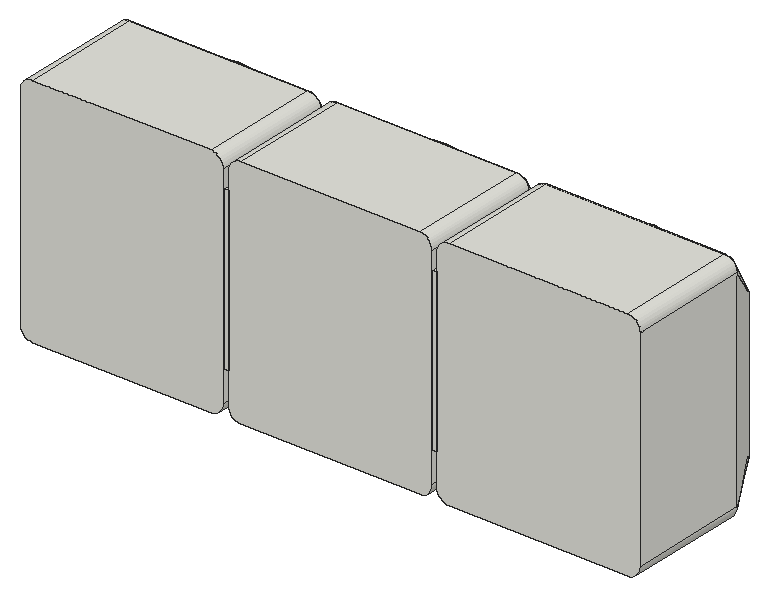
Revit family "IEK_Розетка_ОУ_C_ЗК_16А_3мст_IP54_ГЕРМЕС_PLUS", category Электрические приборы, Revit 2019
Family settings
  Сохранять ориентацию аннотаций = Да
  Размер круглого соединителя = Использовать диаметр
  Тип детали = Нормальный
  На основе рабочей плоскости = Нет
  Всегда вертикально = Да
  При загрузке вырезать с полостями = Нет
  Общий = Нет
  Точка расчета площади = Нет
Parameters (values of type "РСб23-3-ГПБд")
  Ширина = 215 mm  # constant formula
  Тип монтажа = "Поверхность монтажа (открытая установка)"  # constant formula
  Степень защиты = "IP54"  # constant formula
  Описание = "Изделия серии \"ГЕРМЕС PLUS\" используются в помещениях с повышенной влажностью или запыленностью, а также под навесом на открытом воздухе."
  Материал крышки = Цвет дымчатый
  Изготовитель = "IEK"  # constant formula
  Диаметр_Короб [instance] = 16 mm
  Глубина = 52 mm  # constant formula
  Высота = 72 mm  # constant formula
  ΔХ [instance] = 2000 mm
  ΔY [instance] = 2000 mm
  URL = "https://www.iek.ru/"
  ADSK_Ток [instance] = 16 A  # constant formula
  ADSK_Примечание = ""
  ADSK_Полная мощность [instance] = ADSK_Номинальная мощность / ADSK_Коэффициент мощности  # 3520 VA
  ADSK_Позиция [instance] = ""
  ADSK_Номинальная мощность [instance] = ADSK_Ток * ADSK_Напряжение * sqrt(ADSK_Количество фаз числовое) * ADSK_Коэффициент мощности  # 3520 W
  ADSK_Напряжение = 220 V
  ADSK_Наименование краткое = "РСб23-3-ГПБд"
  ADSK_Наименование = "Розетка 3-местная для открытой установки РСб23-3-ГПБд с заземляющим контактом IP54 ГЕРМЕС PLUS (цвет крышки: дымчатый) IEK"
  ADSK_Материал обозначение = ""
  ADSK_Материал наименование = "Пластик"  # constant formula
  ADSK_Материал = Цвет белый
  ADSK_Масса = 0.4  # constant formula
  ADSK_Марка = "ГЕРМЕС PLUS"  # constant formula
  ADSK_Коэффициент мощности [instance] = 1  # constant formula
  ADSK_Количество фаз числовое = 1
  ADSK_Количество фаз = 1
  ADSK_Код изделия = "ERMP32-K03-16-54-EC"
  ADSK_Классификация нагрузок [instance] = Прочее
  ADSK_Завод-изготовитель = Изготовитель  # "IEK"
  ADSK_Единица измерения = "шт."  # constant formula
  ADSK_Группирование = "Электроустановочные изделия низковольтные"  # constant formula
  ADSK_Версия семейства = "01.10.25"  # constant formula
  ADSK_Версия Revit = "v2019"  # constant formula
  ADSK_URL страницы изделия = "https://qr.iek.group/ERMP32-K03-16-54-EC"
Types (3, lengths in mm): name | Материал крышки | ADSK_Наименование краткое | ADSK_Наименование | ADSK_Код изделия | ADSK_URL страницы изделия
  (no name) | Цвет дымчатый | "РСб23-3-ГПБд" | "Розетка 3-местная для открытой установки РСб23-3-ГПБд с заземляющим контактом IP54 ГЕРМЕС PLUS (цвет крышки: дымчатый) IEK" | "ERMP32-K03-16-54-EC" | "https://qr.iek.group/ERMP32-K03-16-54-EC"
  РСб23-3-ГПБб | Цвет белый | "РСб23-3-ГПБб" | "Розетка 3-местная для открытой установки РСб23-3-ГПБб с заземляющим контактом IP54 ГЕРМЕС PLUS белый IEK" | "ERMP32-K01-16-54-EC" | "https://qr.iek.group/ERMP32-K01-16-54-EC"
  РСб23-3-ГПБд | Цвет дымчатый | "РСб23-3-ГПБд" | "Розетка 3-местная для открытой установки РСб23-3-ГПБд с заземляющим контактом IP54 ГЕРМЕС PLUS (цвет крышки: дымчатый) IEK" | "ERMP32-K03-16-54-EC" | "https://qr.iek.group/ERMP32-K03-16-54-EC"
Reference planes
  plane 1 "По центру (Вперед/Назад)": y = 0
  plane 2: z = 0
  plane 3 "По центру (Влево/Вправо)": x = 0
  plane 4 "Высота ножек": z = 280
  plane 5 "Высота": z = 2081.496
  plane 6: x = -2000
  plane 7: y = 2000
Forms (mm)
  Extrusion 1, void
    sketch origin (0, 0, 37.5) x (1, 0, 0) y (0, 0, -1)
      loop
        arc (-16.762, -9.964) -> (-0.012, -19.5) -> (16.75, -9.984) r 19.5
        line (16.75, -9.984) -> (16.75, -2.25) -> (19.37, -2.25)
        arc (19.37, -2.25) -> (19.5, 0) -> (19.37, 2.25) r 19.5
        line (19.37, 2.25) -> (16.75, 2.25) -> (16.75, 9.984)
        arc (16.75, 9.984) -> (0, 19.5) -> (-16.75, 9.984) r 19.5
        line (-16.75, 9.984) -> (-16.75, 2.25) -> (-19.37, 2.25)
        arc (-19.37, 2.25) -> (-19.5, 0) -> (-19.37, -2.25) r 19.5
        line (-19.37, -2.25) -> (-16.75, -2.25) -> (-16.762, -9.964)
    from 26.4 to 46.099
  Extrusion 2, void
    sketch origin (0, 0, 37.5) x (1, 0, 0) y (0, 0, -1)
      loop
        circle (-9.525, 0) r 2.758
      loop
        circle (9.525, 0) r 2.758
    from 26.4 to 5.7
  Extrusion 3, solid, material "Цвет белый" <- "ADSK_Материал", detail levels fine
    sketch origin (0, 0, 37.5) x (1, 0, 0) y (0, 0, -1)
      loop
        line (-32.5, 33.5) -> (-32.5, -33.45)
        arc (-32.5, -33.45) -> (-31.314, -36.314) -> (-28.45, -37.5) r 4.05
        line (-28.45, -37.5) -> (28.5, -37.5)
        arc (28.5, -37.5) -> (31.328, -36.328) -> (32.5, -33.5) r 4
        line (32.5, -33.5) -> (32.5, 33.5)
        arc (32.5, 33.5) -> (31.328, 36.328) -> (28.5, 37.5) r 4
        line (28.5, 37.5) -> (-28.5, 37.5)
        arc (-28.5, 37.5) -> (-31.328, 36.328) -> (-32.5, 33.5) r 4
    from 0 to 38.682
  Blend 4, solid, material "Цвет белый" <- "ADSK_Материал", detail levels fine
    base sketch origin (0, 0, 37.5) x (1, 0, 0) y (0, 0, -1)
      loop
        line (-32.5, 33.5) -> (-32.5, -33.5)
        arc (-32.5, -33.5) -> (-31.328, -36.328) -> (-28.5, -37.5) r 4
        line (-28.5, -37.5) -> (28.5, -37.5)
        arc (28.5, -37.5) -> (31.328, -36.328) -> (32.5, -33.5) r 4
        line (32.5, -33.5) -> (32.5, 33.5)
        arc (32.5, 33.5) -> (31.328, 36.328) -> (28.5, 37.5) r 4
        line (28.5, 37.5) -> (-28.5, 37.5)
        arc (-28.5, 37.5) -> (-31.328, 36.328) -> (-32.5, 33.5) r 4
    top sketch origin (0, 0, 37.5) x (1, 0, 0) y (0, 0, -1)
      loop
        line (-30.1, 23.034) -> (-30.1, -24.041)
        arc (-30.1, -24.041) -> (-29.819, -24.719) -> (-29.141, -25) r 0.959
        line (-29.141, -25) -> (29.141, -25)
        arc (29.141, -25) -> (29.819, -24.719) -> (30.1, -24.041) r 0.959
        line (30.1, -24.041) -> (30.1, 23.034)
        arc (30.1, 23.034) -> (29.819, 23.712) -> (29.141, 23.993) r 0.959
        line (29.141, 23.993) -> (-29.141, 23.993)
        arc (-29.141, 23.993) -> (-29.819, 23.712) -> (-30.1, 23.034) r 0.959
    from 38.682 to 46.099
  Extrusion 5, void
    sketch origin (0, 0, 39.041) x (1, 0, 0) y (0, 0, -1)
      loop
        arc (-28.5, -24.189) -> (-27.914, -25.603) -> (-26.5, -26.189) r 2
        line (-26.5, -26.189) -> (26.5, -26.189)
        arc (26.5, -26.189) -> (27.914, -25.603) -> (28.5, -24.189) r 2
        line (28.5, -24.189) -> (28.5, 37.041)
        arc (28.5, 37.041) -> (27.914, 38.456) -> (26.5, 39.041) r 2
        line (26.5, 39.041) -> (-26.5, 39.041)
        arc (-26.5, 39.041) -> (-27.914, 38.456) -> (-28.5, 37.041) r 2
        line (-28.5, 37.041) -> (-28.5, -24.189)
      loop
        line (5, 26.541) -> (-5, 26.541) -> (-15.069, 16.168)
        arc (-15.069, 16.168) -> (-21, 1.541) -> (-15.069, -13.085) r 21
        line (-15.069, -13.085) -> (-5, -23.459) -> (5, -23.459) -> (15.069, -13.085)
        arc (15.069, -13.085) -> (21, 1.541) -> (15.069, 16.168) r 21
        line (15.069, 16.168) -> (5, 26.541)
    from 38.682 to 46.099
  Extrusion 6, void
    sketch origin (0, 0, 37.5) x (1, 0, 0) y (0, 0, -1)
      loop
        line (-22.764, -27) -> (-14.278, -27)
        arc (-14.278, -27) -> (0, -32.5) -> (14.278, -27) r 21.282
        line (14.278, -27) -> (22.764, -27) -> (22.764, 26.4) -> (-22.764, 26.4) -> (-22.764, -27)
    from 43.6 to 46.099
  Extrusion 7, solid, material "Цвет дымчатый" <- "Материал крышки", detail levels fine
    sketch origin (0, 0, 37.5) x (0, 0, -1) y (0, 1, 0)
      loop
        line (23.993, 46.099) -> (-27, 46.099) -> (-27, 45.121) -> (23.993, 45.121) -> (35.72, 38.682) -> (37.5, 38.682) -> (23.993, 46.099)
    from -28 to 28
  Extrusion 8, solid, material "Цвет дымчатый" <- "Материал крышки", detail levels fine
    sketch origin (0, 0, 37.5) x (1, 0, 0) y (0, 0, -1)
      loop
        arc (-14.278, -27) -> (0, -32.5) -> (14.278, -27) r 21.282
        line (14.278, -27) -> (-14.278, -27)
    from 45.121 to 46.099
  Blend 9, solid, material "Цвет белый" <- "ADSK_Материал", detail levels fine
    base sketch origin (66.5, 0, 37.5) x (1, 0, 0) y (0, 0, -1)
      loop
        line (-32.5, 33.5) -> (-32.5, -33.5)
        arc (-32.5, -33.5) -> (-31.328, -36.328) -> (-28.5, -37.5) r 4
        line (-28.5, -37.5) -> (28.5, -37.5)
        arc (28.5, -37.5) -> (31.328, -36.328) -> (32.5, -33.5) r 4
        line (32.5, -33.5) -> (32.5, 33.5)
        arc (32.5, 33.5) -> (31.328, 36.328) -> (28.5, 37.5) r 4
        line (28.5, 37.5) -> (-28.5, 37.5)
        arc (-28.5, 37.5) -> (-31.328, 36.328) -> (-32.5, 33.5) r 4
    top sketch origin (66.5, 0, 37.5) x (1, 0, 0) y (0, 0, -1)
      loop
        line (-30.1, 23.034) -> (-30.1, -24.041)
        arc (-30.1, -24.041) -> (-29.819, -24.719) -> (-29.141, -25) r 0.959
        line (-29.141, -25) -> (29.141, -25)
        arc (29.141, -25) -> (29.819, -24.719) -> (30.1, -24.041) r 0.959
        line (30.1, -24.041) -> (30.1, 23.034)
        arc (30.1, 23.034) -> (29.819, 23.712) -> (29.141, 23.993) r 0.959
        line (29.141, 23.993) -> (-29.141, 23.993)
        arc (-29.141, 23.993) -> (-29.819, 23.712) -> (-30.1, 23.034) r 0.959
    from 38.682 to 46.099
  Extrusion 10, solid, material "Цвет белый" <- "ADSK_Материал", detail levels fine
    sketch origin (-66.5, 0, 37.5) x (1, 0, 0) y (0, 0, -1)
      loop
        line (-32.5, 33.5) -> (-32.5, -33.45)
        arc (-32.5, -33.45) -> (-31.314, -36.314) -> (-28.45, -37.5) r 4.05
        line (-28.45, -37.5) -> (28.5, -37.5)
        arc (28.5, -37.5) -> (31.328, -36.328) -> (32.5, -33.5) r 4
        line (32.5, -33.5) -> (32.5, 33.5)
        arc (32.5, 33.5) -> (31.328, 36.328) -> (28.5, 37.5) r 4
        line (28.5, 37.5) -> (-28.5, 37.5)
        arc (-28.5, 37.5) -> (-31.328, 36.328) -> (-32.5, 33.5) r 4
    from 0 to 38.682
  Blend 11, solid, material "Цвет белый" <- "ADSK_Материал", detail levels fine
    base sketch origin (-66.5, 0, 37.5) x (1, 0, 0) y (0, 0, -1)
      loop
        line (-32.5, 33.5) -> (-32.5, -33.5)
        arc (-32.5, -33.5) -> (-31.328, -36.328) -> (-28.5, -37.5) r 4
        line (-28.5, -37.5) -> (28.5, -37.5)
        arc (28.5, -37.5) -> (31.328, -36.328) -> (32.5, -33.5) r 4
        line (32.5, -33.5) -> (32.5, 33.5)
        arc (32.5, 33.5) -> (31.328, 36.328) -> (28.5, 37.5) r 4
        line (28.5, 37.5) -> (-28.5, 37.5)
        arc (-28.5, 37.5) -> (-31.328, 36.328) -> (-32.5, 33.5) r 4
    top sketch origin (-66.5, 0, 37.5) x (1, 0, 0) y (0, 0, -1)
      loop
        line (-30.1, 23.034) -> (-30.1, -24.041)
        arc (-30.1, -24.041) -> (-29.819, -24.719) -> (-29.141, -25) r 0.959
        line (-29.141, -25) -> (29.141, -25)
        arc (29.141, -25) -> (29.819, -24.719) -> (30.1, -24.041) r 0.959
        line (30.1, -24.041) -> (30.1, 23.034)
        arc (30.1, 23.034) -> (29.819, 23.712) -> (29.141, 23.993) r 0.959
        line (29.141, 23.993) -> (-29.141, 23.993)
        arc (-29.141, 23.993) -> (-29.819, 23.712) -> (-30.1, 23.034) r 0.959
    from 38.682 to 46.099
  Extrusion 12, solid, material "Цвет белый" <- "ADSK_Материал", detail levels fine
    sketch origin (66.5, 0, 37.5) x (1, 0, 0) y (0, 0, -1)
      loop
        line (-32.5, 33.5) -> (-32.5, -33.45)
        arc (-32.5, -33.45) -> (-31.314, -36.314) -> (-28.45, -37.5) r 4.05
        line (-28.45, -37.5) -> (28.5, -37.5)
        arc (28.5, -37.5) -> (31.328, -36.328) -> (32.5, -33.5) r 4
        line (32.5, -33.5) -> (32.5, 33.5)
        arc (32.5, 33.5) -> (31.328, 36.328) -> (28.5, 37.5) r 4
        line (28.5, 37.5) -> (-28.5, 37.5)
        arc (-28.5, 37.5) -> (-31.328, 36.328) -> (-32.5, 33.5) r 4
    from 0 to 38.682
  Extrusion 13, void
    sketch origin (66.524, 0, 37.5) x (1, 0, 0) y (0, 0, -1)
      loop
        arc (-16.762, -9.964) -> (-0.012, -19.5) -> (16.75, -9.984) r 19.5
        line (16.75, -9.984) -> (16.75, -2.25) -> (19.37, -2.25)
        arc (19.37, -2.25) -> (19.5, 0) -> (19.37, 2.25) r 19.5
        line (19.37, 2.25) -> (16.75, 2.25) -> (16.75, 9.984)
        arc (16.75, 9.984) -> (0, 19.5) -> (-16.75, 9.984) r 19.5
        line (-16.75, 9.984) -> (-16.75, 2.25) -> (-19.37, 2.25)
        arc (-19.37, 2.25) -> (-19.5, 0) -> (-19.37, -2.25) r 19.5
        line (-19.37, -2.25) -> (-16.75, -2.25) -> (-16.762, -9.964)
    from 26.4 to 46.099
  Extrusion 14, void
    sketch origin (66.524, 0, 37.5) x (1, 0, 0) y (0, 0, -1)
      loop
        circle (-9.525, 0) r 2.758
      loop
        circle (9.525, 0) r 2.758
    from 26.4 to 5.7
  Extrusion 15, void
    sketch origin (-66.5, 0, 37.5) x (1, 0, 0) y (0, 0, -1)
      loop
        arc (-16.762, -9.964) -> (-0.012, -19.5) -> (16.75, -9.984) r 19.5
        line (16.75, -9.984) -> (16.75, -2.25) -> (19.37, -2.25)
        arc (19.37, -2.25) -> (19.5, 0) -> (19.37, 2.25) r 19.5
        line (19.37, 2.25) -> (16.75, 2.25) -> (16.75, 9.984)
        arc (16.75, 9.984) -> (0, 19.5) -> (-16.75, 9.984) r 19.5
        line (-16.75, 9.984) -> (-16.75, 2.25) -> (-19.37, 2.25)
        arc (-19.37, 2.25) -> (-19.5, 0) -> (-19.37, -2.25) r 19.5
        line (-19.37, -2.25) -> (-16.75, -2.25) -> (-16.762, -9.964)
    from 26.4 to 46.099
  Extrusion 16, void
    sketch origin (-66.5, 0, 37.5) x (1, 0, 0) y (0, 0, -1)
      loop
        circle (-9.525, 0) r 2.758
      loop
        circle (9.525, 0) r 2.758
    from 26.4 to 5.7
  Extrusion 17, void
    sketch origin (66.5, 0, 39.041) x (1, 0, 0) y (0, 0, -1)
      loop
        arc (-28.5, -24.189) -> (-27.914, -25.603) -> (-26.5, -26.189) r 2
        line (-26.5, -26.189) -> (26.5, -26.189)
        arc (26.5, -26.189) -> (27.914, -25.603) -> (28.5, -24.189) r 2
        line (28.5, -24.189) -> (28.5, 37.041)
        arc (28.5, 37.041) -> (27.914, 38.456) -> (26.5, 39.041) r 2
        line (26.5, 39.041) -> (-26.5, 39.041)
        arc (-26.5, 39.041) -> (-27.914, 38.456) -> (-28.5, 37.041) r 2
        line (-28.5, 37.041) -> (-28.5, -24.189)
      loop
        line (5, 26.541) -> (-5, 26.541) -> (-15.069, 16.168)
        arc (-15.069, 16.168) -> (-21, 1.541) -> (-15.069, -13.085) r 21
        line (-15.069, -13.085) -> (-5, -23.459) -> (5, -23.459) -> (15.069, -13.085)
        arc (15.069, -13.085) -> (21, 1.541) -> (15.069, 16.168) r 21
        line (15.069, 16.168) -> (5, 26.541)
    from 38.682 to 46.099
  Extrusion 18, void
    sketch origin (-66.5, 0, 39.041) x (1, 0, 0) y (0, 0, -1)
      loop
        arc (-28.5, -24.189) -> (-27.914, -25.603) -> (-26.5, -26.189) r 2
        line (-26.5, -26.189) -> (26.5, -26.189)
        arc (26.5, -26.189) -> (27.914, -25.603) -> (28.5, -24.189) r 2
        line (28.5, -24.189) -> (28.5, 37.041)
        arc (28.5, 37.041) -> (27.914, 38.456) -> (26.5, 39.041) r 2
        line (26.5, 39.041) -> (-26.5, 39.041)
        arc (-26.5, 39.041) -> (-27.914, 38.456) -> (-28.5, 37.041) r 2
        line (-28.5, 37.041) -> (-28.5, -24.189)
      loop
        line (5, 26.541) -> (-5, 26.541) -> (-15.069, 16.168)
        arc (-15.069, 16.168) -> (-21, 1.541) -> (-15.069, -13.085) r 21
        line (-15.069, -13.085) -> (-5, -23.459) -> (5, -23.459) -> (15.069, -13.085)
        arc (15.069, -13.085) -> (21, 1.541) -> (15.069, 16.168) r 21
        line (15.069, 16.168) -> (5, 26.541)
    from 38.682 to 46.099
  Extrusion 19, void
    sketch origin (-66.5, 0, 37.5) x (1, 0, 0) y (0, 0, -1)
      loop
        line (-22.764, -27) -> (-14.278, -27)
        arc (-14.278, -27) -> (0, -32.5) -> (14.278, -27) r 21.282
        line (14.278, -27) -> (22.764, -27) -> (22.764, 26.4) -> (-22.764, 26.4) -> (-22.764, -27)
    from 43.6 to 46.099
  Extrusion 20, void
    sketch origin (66.5, 0, 37.5) x (-1, 0, 0) y (0, 0, 1)
      loop
        line (-22.764, 27) -> (-22.764, -26.4) -> (22.764, -26.4) -> (22.764, 27) -> (14.278, 27)
        arc (14.278, 27) -> (0, 32.5) -> (-14.278, 27) r 21.282
        line (-14.278, 27) -> (-22.764, 27)
    from 43.6 to 46.099
  Extrusion 21, solid, material "Цвет дымчатый" <- "Материал крышки", detail levels fine
    sketch origin (66.5, 0, 37.5) x (0, 0, -1) y (0, 1, 0)
      loop
        line (23.993, 46.099) -> (-27, 46.099) -> (-27, 45.121) -> (23.993, 45.121) -> (35.72, 38.682) -> (37.5, 38.682) -> (23.993, 46.099)
    from -28 to 28
  Extrusion 22, solid, material "Цвет дымчатый" <- "Материал крышки", detail levels fine
    sketch origin (66.5, 0, 37.5) x (1, 0, 0) y (0, 0, -1)
      loop
        arc (-14.278, -27) -> (0, -32.5) -> (14.278, -27) r 21.282
        line (14.278, -27) -> (-14.278, -27)
    from 45.121 to 46.099
  Extrusion 23, solid, material "Цвет дымчатый" <- "Материал крышки", detail levels fine
    sketch origin (-66.5, 0, 37.5) x (0, 0, -1) y (0, 1, 0)
      loop
        line (23.993, 46.099) -> (-27, 46.099) -> (-27, 45.121) -> (23.993, 45.121) -> (35.72, 38.682) -> (37.5, 38.682) -> (23.993, 46.099)
    from -28 to 28
  Extrusion 24, solid, material "Цвет дымчатый" <- "Материал крышки", detail levels fine
    sketch origin (-66.5, 0, 37.5) x (1, 0, 0) y (0, 0, -1)
      loop
        arc (-14.278, -27) -> (0, -32.5) -> (14.278, -27) r 21.282
        line (14.278, -27) -> (-14.278, -27)
    from 45.121 to 46.099
  Extrusion 25, solid, material "Цвет белый" <- "ADSK_Материал", detail levels fine
    sketch origin (0, 0, 37.5) x (1, 0, 0) y (0, 0, -1)
      loop
        line (-34, 23.556) -> (-34, -27.975) -> (-32.5, -27.975) -> (-32.5, 23.556) -> (-34, 23.556)
    from 0 to 15
  Extrusion 26, solid, material "Цвет белый" <- "ADSK_Материал", detail levels fine
    sketch origin (0, 0, 37.5) x (-1, 0, 0) y (0, 0, 1)
      loop
        line (-34, -23.556) -> (-32.5, -23.556) -> (-32.5, 27.975) -> (-34, 27.975) -> (-34, -23.556)
    from 0 to 15
  Extrusion 27, solid, detail levels coarse
    sketch origin (0, 0, 0) x (1, 0, 0) y (0, 1, 0)
      loop
        line (-99, 0) -> (99, 0) -> (99, 46.099) -> (-99, 46.099) -> (-99, 0)
    from 0 to 75
  Extrusion 28, solid, detail levels medium
    sketch origin (0, 0, 0) x (1, 0, 0) y (0, 1, 0)
      loop
        line (-99, 46.099) -> (-99, 0) -> (99, 0) -> (99, 46.099) -> (-99, 46.099)
    from 0 to 75
Cuts and joins
  Extrusion 15, Extrusion 18, Extrusion 19 cuts Blend 11
  Extrusion 15, Extrusion 16 cuts Extrusion 10
  Extrusion 1, Extrusion 5, Extrusion 6 cuts Blend 4
  Extrusion 13, Extrusion 17, Extrusion 20 cuts Blend 9
  Extrusion 1, Extrusion 2 cuts Extrusion 3
  Extrusion 13, Extrusion 14 cuts Extrusion 12
Lines and regions (mm)
  reference lines
    curve 1: line (0, 44.647, 0) -> (0, -55.353, 0)
    curve 2: line (-23.829, 0, 0) -> (76.171, 0, 0)
Dimensions and locks
  locked: plane 4 "Высота ножек" to plane 2 at 280
  plane 5 "Высота" to plane 4 "Высота ножек" = 1801.496 mm
  "ΔХ": plane 6 to curve 1
  "ΔY": plane 7 to curve 2
  aligned and locked: level to plane 2
  aligned and locked: nested 1 to curve 1
  aligned and locked: curve 2 to nested 1
Automatic sketch dimensions
  Extrusion 1 sketch curve to Extrusion 1 sketch curve = 0 mm  (x14)
  Extrusion 1 sketch curve to plane 3 "По центру (Влево/Вправо)" = 0 mm
  Extrusion 1 sketch curve to plane 3 "По центру (Влево/Вправо)" = 16.75 mm
  Extrusion 1 sketch curve to Extrusion 1 sketch curve = 2.62 mm  (x4)
  plane 3 "По центру (Влево/Вправо)" to Extrusion 1 sketch curve = 16.75 mm
  level to Extrusion 1 sketch curve = 47.484 mm
  Extrusion 1 sketch curve to Extrusion 1 sketch curve = 7.734 mm  (x3)
  Extrusion 1 sketch curve to Extrusion 1 sketch curve = 2.25 mm
  Extrusion 1 sketch curve to Extrusion 1 sketch curve = 0.012 mm
  Extrusion 2 sketch curve to plane 3 "По центру (Влево/Вправо)" = 9.525 mm
  plane 3 "По центру (Влево/Вправо)" to Extrusion 2 sketch curve = 9.525 mm
  level to Extrusion 2 sketch curve = 37.5 mm
  Extrusion 2 sketch curve to Extrusion 2 sketch curve = 0 mm
  level to Extrusion 3 sketch curve = 4 mm  (x2)
  Extrusion 3 sketch curve to plane 3 "По центру (Влево/Вправо)" = 32.5 mm
  Extrusion 3 sketch curve to Extrusion 3 sketch curve = 4 mm
  Extrusion 3 sketch curve to Extrusion 3 sketch curve = 4.05 mm
  plane 3 "По центру (Влево/Вправо)" to Extrusion 3 sketch curve = 28.5 mm  (x2)
  level to Extrusion 3 sketch curve = 70.95 mm
  level to Blend 4 sketch curve = 4 mm  (x2)
  Blend 4 sketch curve to plane 3 "По центру (Влево/Вправо)" = 32.5 mm
  Blend 4 sketch curve to Blend 4 sketch curve = 4 mm  (x2)
  plane 3 "По центру (Влево/Вправо)" to Blend 4 sketch curve = 28.5 mm  (x2)
  level to Blend 4 sketch curve = 71 mm
  level to Blend 4 sketch curve = 14.466 mm  (x2)
  Blend 4 sketch curve to plane 3 "По центру (Влево/Вправо)" = 30.1 mm
  Blend 4 sketch curve to Blend 4 sketch curve = 0.959 mm  (x2)
  plane 3 "По центру (Влево/Вправо)" to Blend 4 sketch curve = 29.141 mm  (x2)
  Blend 4 sketch curve to Blend 4 sketch curve = 47.076 mm
  Extrusion 5 sketch curve to Extrusion 5 sketch curve = 0 mm  (x2)
  Extrusion 5 sketch curve to plane 3 "По центру (Влево/Вправо)" = 0 mm
  level to Extrusion 5 sketch curve = 12.5 mm
  Extrusion 5 sketch curve to plane 3 "По центру (Влево/Вправо)" = 5 mm  (x2)
  Extrusion 5 sketch curve to Extrusion 5 sketch curve = 10.069 mm  (x4)
  level to Extrusion 5 sketch curve = 22.874 mm  (x2)
  Extrusion 5 sketch curve to Extrusion 5 sketch curve = 11.431 mm  (x4)
  level to Extrusion 5 sketch curve = 2 mm
  Extrusion 5 sketch curve to Extrusion 5 sketch curve = 2 mm  (x2)
  plane 3 "По центру (Влево/Вправо)" to Extrusion 5 sketch curve = 5 mm  (x2)
  Extrusion 5 sketch curve to Extrusion 5 sketch curve = 14.626 mm
  Extrusion 5 sketch curve to Extrusion 5 sketch curve = 10.374 mm
  Extrusion 5 sketch curve to Extrusion 5 sketch curve = 11.104 mm
  Extrusion 6 sketch curve to plane 3 "По центру (Влево/Вправо)" = 0 mm
  Extrusion 6 sketch curve to plane 3 "По центру (Влево/Вправо)" = 14.278 mm
  level to Extrusion 6 sketch curve = 11.1 mm
  Extrusion 6 sketch curve to plane 3 "По центру (Влево/Вправо)" = 22.764 mm
  plane 3 "По центру (Влево/Вправо)" to Extrusion 6 sketch curve = 14.278 mm
  Extrusion 6 sketch curve to Extrusion 6 sketch curve = 8.486 mm
  level to Extrusion 6 sketch curve = 48.718 mm
  Extrusion 6 sketch curve to Extrusion 6 sketch curve = 15.782 mm
  Extrusion 7 sketch curve to plane 1 "По центру (Вперед/Назад)" = 46.099 mm
  level to Extrusion 7 sketch curve = 64.5 mm
  level to Extrusion 7 sketch curve = 13.507 mm  (x2)
  level to Extrusion 7 sketch curve = 1.78 mm
  Extrusion 7 sketch curve to Extrusion 7 sketch curve = 1.78 mm
  Extrusion 7 sketch curve to Extrusion 7 sketch curve = 0.977 mm
  Extrusion 7 sketch curve to Extrusion 7 sketch curve = 6.439 mm
  Extrusion 8 sketch curve to plane 3 "По центру (Влево/Вправо)" = 0 mm
  Extrusion 8 sketch curve to plane 3 "По центру (Влево/Вправо)" = 14.278 mm
  level to Extrusion 8 sketch curve = 64.5 mm
  Extrusion 8 sketch curve to Extrusion 8 sketch curve = 15.782 mm
  level to Blend 9 sketch curve = 4 mm  (x2)
  plane 3 "По центру (Влево/Вправо)" to Blend 9 sketch curve = 34 mm
  Blend 9 sketch curve to Blend 9 sketch curve = 4 mm  (x2)
  Blend 9 sketch curve to Blend 9 sketch curve = 57 mm  (x2)
  level to Blend 9 sketch curve = 71 mm
  level to Blend 9 sketch curve = 14.466 mm  (x2)
  plane 3 "По центру (Влево/Вправо)" to Blend 9 sketch curve = 36.4 mm
  Blend 9 sketch curve to Blend 9 sketch curve = 0.959 mm  (x2)
  Blend 9 sketch curve to Blend 9 sketch curve = 58.283 mm
  Blend 9 sketch curve to Blend 9 sketch curve = 0 mm
  Blend 9 sketch curve to Blend 9 sketch curve = 47.076 mm
  level to Extrusion 10 sketch curve = 4 mm  (x2)
  Extrusion 10 sketch curve to plane 3 "По центру (Влево/Вправо)" = 99 mm
  Extrusion 10 sketch curve to Extrusion 10 sketch curve = 4 mm
  Extrusion 10 sketch curve to Extrusion 10 sketch curve = 4.05 mm
  Extrusion 10 sketch curve to plane 3 "По центру (Влево/Вправо)" = 38 mm  (x2)
  level to Extrusion 10 sketch curve = 70.95 mm
  level to Blend 11 sketch curve = 4 mm  (x2)
  Blend 11 sketch curve to plane 3 "По центру (Влево/Вправо)" = 99 mm
  Blend 11 sketch curve to Blend 11 sketch curve = 4 mm  (x2)
  Blend 11 sketch curve to plane 3 "По центру (Влево/Вправо)" = 38 mm  (x2)
  level to Blend 11 sketch curve = 71 mm
  level to Blend 11 sketch curve = 14.466 mm  (x2)
  Blend 11 sketch curve to plane 3 "По центру (Влево/Вправо)" = 96.6 mm
  Blend 11 sketch curve to Blend 11 sketch curve = 0.959 mm  (x2)
  Blend 11 sketch curve to plane 3 "По центру (Влево/Вправо)" = 37.359 mm  (x2)
  Blend 11 sketch curve to Blend 11 sketch curve = 47.076 mm
  level to Extrusion 12 sketch curve = 4 mm  (x2)
  plane 3 "По центру (Влево/Вправо)" to Extrusion 12 sketch curve = 34 mm
  Extrusion 12 sketch curve to Extrusion 12 sketch curve = 4 mm
  Extrusion 12 sketch curve to Extrusion 12 sketch curve = 4.05 mm
  Extrusion 12 sketch curve to Extrusion 12 sketch curve = 56.95 mm
  Extrusion 12 sketch curve to Extrusion 12 sketch curve = 57 mm
  level to Extrusion 12 sketch curve = 70.95 mm
  Extrusion 13 sketch curve to Extrusion 13 sketch curve = 0 mm  (x14)
  level to Extrusion 13 sketch curve = 39.75 mm  (x2)
  plane 3 "По центру (Влево/Вправо)" to Extrusion 13 sketch curve = 47.155 mm
  Extrusion 13 sketch curve to Extrusion 13 sketch curve = 2.62 mm  (x4)
  Extrusion 13 sketch curve to Extrusion 13 sketch curve = 16.75 mm  (x2)
  Extrusion 13 sketch curve to Extrusion 13 sketch curve = 7.734 mm  (x2)
  Extrusion 13 sketch curve to Extrusion 13 sketch curve = 2.25 mm
  Extrusion 13 sketch curve to Extrusion 13 sketch curve = 0.012 mm
  level to Extrusion 14 sketch curve = 37.5 mm
  plane 3 "По центру (Влево/Вправо)" to Extrusion 14 sketch curve = 57 mm
  Extrusion 14 sketch curve to Extrusion 14 sketch curve = 19.049 mm
  Extrusion 14 sketch curve to Extrusion 14 sketch curve = 0 mm
  Extrusion 15 sketch curve to Extrusion 15 sketch curve = 0 mm  (x14)
  level to Extrusion 15 sketch curve = 39.75 mm  (x2)
  Extrusion 15 sketch curve to plane 3 "По центру (Влево/Вправо)" = 85.87 mm
  Extrusion 15 sketch curve to Extrusion 15 sketch curve = 2.62 mm  (x4)
  Extrusion 15 sketch curve to Extrusion 15 sketch curve = 16.75 mm  (x2)
  Extrusion 15 sketch curve to Extrusion 15 sketch curve = 7.734 mm  (x2)
  Extrusion 15 sketch curve to Extrusion 15 sketch curve = 2.25 mm
  Extrusion 15 sketch curve to Extrusion 15 sketch curve = 0.012 mm
  level to Extrusion 16 sketch curve = 37.5 mm
  Extrusion 16 sketch curve to plane 3 "По центру (Влево/Вправо)" = 76.025 mm
  Extrusion 16 sketch curve to Extrusion 16 sketch curve = 19.049 mm
  Extrusion 16 sketch curve to Extrusion 16 sketch curve = 0 mm
  Extrusion 17 sketch curve to Extrusion 17 sketch curve = 0 mm  (x2)
  plane 3 "По центру (Влево/Вправо)" to Extrusion 17 sketch curve = 38 mm
  Extrusion 17 sketch curve to Extrusion 17 sketch curve = 2 mm  (x3)
  level to Extrusion 17 sketch curve = 22.874 mm  (x2)
  Extrusion 17 sketch curve to Extrusion 17 sketch curve = 11.431 mm  (x4)
  level to Extrusion 17 sketch curve = 52.126 mm  (x2)
  level to Extrusion 17 sketch curve = 12.5 mm
  Extrusion 17 sketch curve to Extrusion 17 sketch curve = 10.069 mm  (x3)
  Extrusion 17 sketch curve to Extrusion 17 sketch curve = 15.069 mm
  Extrusion 17 sketch curve to Extrusion 17 sketch curve = 10 mm  (x2)
  Extrusion 17 sketch curve to Extrusion 17 sketch curve = 10.374 mm
  Extrusion 17 sketch curve to Extrusion 17 sketch curve = 11.104 mm
  level to Extrusion 17 sketch curve = 2 mm
  Extrusion 18 sketch curve to Extrusion 18 sketch curve = 0 mm  (x2)
  Extrusion 18 sketch curve to plane 3 "По центру (Влево/Вправо)" = 95 mm
  Extrusion 18 sketch curve to Extrusion 18 sketch curve = 2 mm  (x3)
  level to Extrusion 18 sketch curve = 22.874 mm  (x2)
  Extrusion 18 sketch curve to Extrusion 18 sketch curve = 11.431 mm  (x4)
  level to Extrusion 18 sketch curve = 52.126 mm
  level to Extrusion 18 sketch curve = 12.5 mm
  Extrusion 18 sketch curve to Extrusion 18 sketch curve = 10.069 mm  (x4)
  Extrusion 18 sketch curve to Extrusion 18 sketch curve = 15.069 mm
  Extrusion 18 sketch curve to Extrusion 18 sketch curve = 10 mm  (x2)
  Extrusion 18 sketch curve to Extrusion 18 sketch curve = 10.374 mm
  Extrusion 18 sketch curve to Extrusion 18 sketch curve = 11.104 mm
  level to Extrusion 18 sketch curve = 2 mm
  level to Extrusion 19 sketch curve = 64.5 mm
  Extrusion 19 sketch curve to plane 3 "По центру (Влево/Вправо)" = 89.264 mm
  Extrusion 19 sketch curve to Extrusion 19 sketch curve = 8.486 mm  (x2)
  Extrusion 19 sketch curve to Extrusion 19 sketch curve = 14.278 mm  (x2)
  Extrusion 19 sketch curve to Extrusion 19 sketch curve = 15.782 mm
  level to Extrusion 19 sketch curve = 11.1 mm
  level to Extrusion 20 sketch curve = 64.5 mm
  plane 3 "По центру (Влево/Вправо)" to Extrusion 20 sketch curve = 89.264 mm
  Extrusion 20 sketch curve to Extrusion 20 sketch curve = 8.486 mm  (x2)
  Extrusion 20 sketch curve to Extrusion 20 sketch curve = 14.278 mm  (x2)
  Extrusion 20 sketch curve to Extrusion 20 sketch curve = 15.782 mm
  level to Extrusion 20 sketch curve = 11.1 mm
  Extrusion 21 sketch curve to plane 1 "По центру (Вперед/Назад)" = 46.099 mm
  level to Extrusion 21 sketch curve = 64.5 mm
  level to Extrusion 21 sketch curve = 13.507 mm  (x2)
  level to Extrusion 21 sketch curve = 1.78 mm
  Extrusion 21 sketch curve to Extrusion 21 sketch curve = 1.78 mm
  Extrusion 21 sketch curve to Extrusion 21 sketch curve = 0.977 mm
  Extrusion 21 sketch curve to Extrusion 21 sketch curve = 6.439 mm
  plane 3 "По центру (Влево/Вправо)" to Extrusion 22 sketch curve = 52.222 mm
  Extrusion 22 sketch curve to Extrusion 22 sketch curve = 14.278 mm
  level to Extrusion 22 sketch curve = 64.5 mm
  Extrusion 22 sketch curve to Extrusion 22 sketch curve = 15.782 mm
  Extrusion 23 sketch curve to plane 1 "По центру (Вперед/Назад)" = 46.099 mm
  level to Extrusion 23 sketch curve = 64.5 mm
  level to Extrusion 23 sketch curve = 13.507 mm  (x2)
  level to Extrusion 23 sketch curve = 1.78 mm
  Extrusion 23 sketch curve to Extrusion 23 sketch curve = 1.78 mm
  Extrusion 23 sketch curve to Extrusion 23 sketch curve = 0.977 mm
  Extrusion 23 sketch curve to Extrusion 23 sketch curve = 6.439 mm
  Extrusion 24 sketch curve to plane 3 "По центру (Влево/Вправо)" = 80.778 mm
  Extrusion 24 sketch curve to Extrusion 24 sketch curve = 14.278 mm
  level to Extrusion 24 sketch curve = 64.5 mm
  Extrusion 24 sketch curve to Extrusion 24 sketch curve = 15.782 mm
  Extrusion 25 sketch curve to plane 3 "По центру (Влево/Вправо)" = 34 mm
  Extrusion 25 sketch curve to Extrusion 25 sketch curve = 1.5 mm
  level to Extrusion 25 sketch curve = 65.475 mm
  level to Extrusion 25 sketch curve = 13.944 mm
  plane 3 "По центру (Влево/Вправо)" to Extrusion 26 sketch curve = 34 mm
  Extrusion 26 sketch curve to Extrusion 26 sketch curve = 1.5 mm
  level to Extrusion 26 sketch curve = 13.944 mm
  level to Extrusion 26 sketch curve = 65.475 mm
  plane 1 "По центру (Вперед/Назад)" to Extrusion 27 sketch curve = 0 mm
  Extrusion 27 sketch curve to plane 1 "По центру (Вперед/Назад)" = 46.099 mm
  Extrusion 27 sketch curve to plane 3 "По центру (Влево/Вправо)" = 99 mm
  plane 3 "По центру (Влево/Вправо)" to Extrusion 27 sketch curve = 99 mm
  plane 1 "По центру (Вперед/Назад)" to Extrusion 28 sketch curve = 0 mm
  Extrusion 28 sketch curve to plane 3 "По центру (Влево/Вправо)" = 99 mm
  plane 3 "По центру (Влево/Вправо)" to Extrusion 28 sketch curve = 99 mm
  Extrusion 28 sketch curve to plane 1 "По центру (Вперед/Назад)" = 46.099 mm
  curve 2 to plane 3 "По центру (Влево/Вправо)" = 23.829 mm
  plane 3 "По центру (Влево/Вправо)" to curve 2 = 76.171 mm
  plane 1 "По центру (Вперед/Назад)" to curve 1 = 55.353 mm
  curve 1 to plane 1 "По центру (Вперед/Назад)" = 44.647 mm
  radius of Extrusion 2 sketch curve = 2.758 mm  (x2)
  radius of Extrusion 14 sketch curve = 2.758 mm  (x2)
  radius of Extrusion 16 sketch curve = 2.758 mm  (x2)
Nested families
  nested 1: "УГО Розетки" at (0, 0, 0), type "2PE-O", detail levels coarse+medium
    with Количество в блоке "3Б", Блок розеток yes, IP44 yes
Connectors
  electrical at (0.006, 0, 37.494), driven by "ADSK_Количество фаз", driven by "ADSK_Классификация нагрузок", driven by "ADSK_Напряжение", driven by "ADSK_Полная мощность", driven by "ADSK_Коэффициент мощности"
    settings: on cut or joined group of Extrusion 1, Extrusion 2, Extrusion 3, index 1, voltage 220 V, apparent load 0 VA, apparent load phase1 3520 VA, apparent load phase2 0 VA, apparent load phase3 0 VA, power factor 1, load classification "Прочее", number of poles 1, system type 30, power factor state 1, is connector primary yes, connector utility no, sub classification motor no, connector description ""
  cabletrayconduit at (66.524, 19.341, 75), diameter 16, driven by "Диаметр_Короб"
    settings: on cut or joined group of Extrusion 12, Extrusion 13, Extrusion 14, index 2, connector width 300 mm, connector height 300 mm, connector angle 0.00°, system type 32, placement type 0, profile type 0, connector reference index -1, is primary connector yes, connector utility param no, connector description ""
  cabletrayconduit at (0.025, 19.341, 75), diameter 16, driven by "Диаметр_Короб"
    settings: on cut or joined group of Extrusion 1, Extrusion 2, Extrusion 3, index 3, connector width 300 mm, connector height 300 mm, connector angle 0.00°, system type 32, placement type 0, profile type 0, connector reference index -1, is primary connector no, connector utility param no, connector description ""
  cabletrayconduit at (-66.475, 19.341, 75), diameter 16, driven by "Диаметр_Короб"
    settings: on cut or joined group of Extrusion 10, Extrusion 15, Extrusion 16, index 4, connector width 300 mm, connector height 300 mm, connector angle 0.00°, system type 32, placement type 0, profile type 0, connector reference index -1, is primary connector no, connector utility param no, connector description ""
Definition of nested family "УГО Розетки"
  Parameters (values of type "3PE-O")
    Количество в блоке [instance] = ""
    Блок розеток [instance] = no
    IP44 [instance] = no
    3PE-O = yes
    3PE-C = no
    2PE-O = no
    2PE-C = no
    2P-O = no
    2P-C = no
  Types (6, lengths in mm): name | 3PE-O | 3PE-C | 2PE-O | 2PE-C | 2P-O | 2P-C
    2P-O | no | no | no | no | yes | no
    3PE-O | yes | no | no | no | no | no
    2P-C | no | no | no | no | no | yes
    2PE-C | no | no | no | yes | no | no
    2PE-O | no | no | yes | no | no | no
    3PE-C | no | yes | no | no | no | no
  Reference planes
    plane 1: y = 0
    plane 2: x = 0
  Lines and regions (mm)
    Filled region 1, type "Цветовая область 1", visible <- "IP44"
      outline origin (0, 0, 0) x (1, 0, 0) y (0, 1, 0)
        loop
          line (-2.5, 0) -> (2.5, 0)
          arc (2.5, 0) -> (0, 2.5) -> (-2.5, 0) r 2.5
    Filled region 2, type "Цветовая область 1", visible <- "IP44", not visible
      outline origin (0, 0, 0) x (1, 0, 0) y (0, 1, 0)
        loop
          line (-2.5, 4.664) -> (2.5, 4.664)
          arc (2.5, 4.664) -> (0, 7.164) -> (-2.5, 4.664) r 2.5
    detail lines
      curve 1: line (-2.5, 0, 0) -> (2.5, 0, 0)
      curve 3: line (0, 2.5, 0) -> (0, 5, 0)
      curve 4: arc (-2.5, 0, 0) -> (0, 2.5, 0) -> (2.5, 0, 0) r 2.5
    detail lines, visible <- "3PE-C"
      curve 2: line (0, 0, 0) -> (0, 2.5, 0)
      curve 5: line (-2.5, 2.5, 0) -> (2.5, 2.5, 0)
      curve 17: line (0, 2.5, 0) -> (1.768, 4.268, 0)
      curve 18: line (0, 2.5, 0) -> (-1.768, 4.268, 0)
    detail lines, not visible
      curve 6: line (-2.5, 4.664, 0) -> (2.5, 4.664, 0)
      curve 8: line (0, 7.164, 0) -> (0, 9.664, 0)
      curve 9: arc (-2.5, 4.664, 0) -> (0, 7.164, 0) -> (2.5, 4.664, 0) r 2.5
    detail lines, visible <- "3PE-C", not visible
      curve 7: line (0, 4.664, 0) -> (0, 7.164, 0)
      curve 10: line (-2.5, 7.164, 0) -> (2.5, 7.164, 0)
      curve 23: line (0, 7.164, 0) -> (1.768, 8.932, 0)
      curve 24: line (0, 7.164, 0) -> (-1.768, 8.932, 0)
    detail lines, visible <- "3PE-O"
      curve 11: line (-2.5, 2.5, 0) -> (2.5, 2.5, 0)
      curve 19: line (0, 2.5, 0) -> (1.768, 4.268, 0)
      curve 20: line (0, 2.5, 0) -> (-1.768, 4.268, 0)
    detail lines, visible <- "3PE-O", not visible
      curve 12: line (-2.5, 7.164, 0) -> (2.5, 7.164, 0)
      curve 25: line (0, 7.164, 0) -> (1.768, 8.932, 0)
      curve 26: line (0, 7.164, 0) -> (-1.768, 8.932, 0)
    detail lines, visible <- "2PE-C"
      curve 13: line (0, 0, 0) -> (0, 2.5, 0)
      curve 22: line (-2.5, 2.5, 0) -> (2.5, 2.5, 0)
    detail lines, visible <- "2P-C"
      curve 14: line (0, 0, 0) -> (0, 2.5, 0)
    detail lines, visible <- "2PE-C", not visible
      curve 15: line (0, 4.664, 0) -> (0, 7.164, 0)
      curve 28: line (-2.5, 7.164, 0) -> (2.5, 7.164, 0)
    detail lines, visible <- "2P-C", not visible
      curve 16: line (0, 4.664, 0) -> (0, 7.164, 0)
    detail lines, visible <- "2PE-O"
      curve 21: line (-2.5, 2.5, 0) -> (2.5, 2.5, 0)
    detail lines, visible <- "2PE-O", not visible
      curve 27: line (-2.5, 7.164, 0) -> (2.5, 7.164, 0)
    reference lines
      curve 29: line (100, 9.605, 0) -> (100, -3.971, 0)
  Text (mm)
    label "3" at (1.908, 5.573, 0), shows "Количество в блоке", visible <- "Блок розеток"
    label "3" at (1.908, 10.237, 0), shows "Количество в блоке", visible <- "Блок розеток", not visible
  Dimensions and locks
    aligned and locked: Filled region 1 sketch curve to curve 4
    aligned and locked: Filled region 2 sketch curve to curve 9
